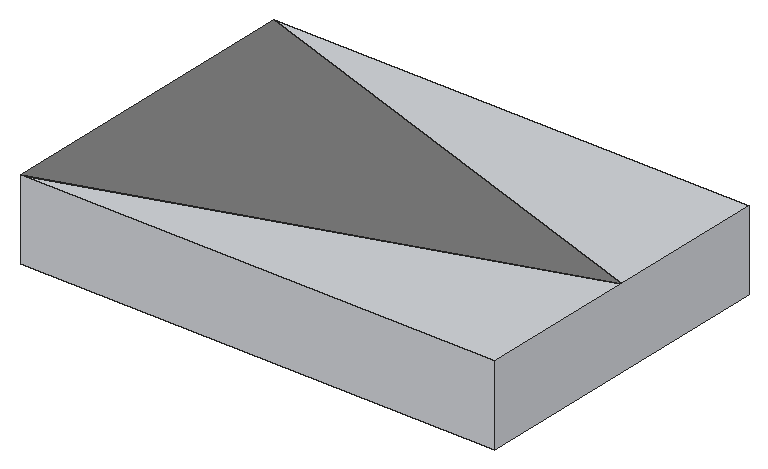
Revit family "電線管用ファミリ(片側のみ)_21", category Electrical Fixtures, Revit 2022
Family settings
  Round Connector Dimension = Use Diameter
  Part Type = Normal
  OmniClass Number = 23.80.00.00
  OmniClass Title = Electric Power and Lighting
  Work Plane-Based = No
  Always vertical = Yes
  Cut with Voids When Loaded = No
  Maintain Annotation Orientation = No
  Shared = No
  Room Calculation Point = No
Parameters
  コネクタ直径 [instance] = 16 mm
  W [instance] = 300 mm
  Default Elevation = 0 mm
  D [instance] = 200 mm
Reference planes
  plane 1 "Center (Front/Back)": y = 0
  plane 2: z = 0
  plane 3 "Center (Left/Right)": x = 0
  plane 4: x = -150
  plane 5: x = 150
  plane 6: y = 100
  plane 7: y = -100
  plane 8: z = 50
Forms (mm)
  Extrusion 1, solid
    sketch origin (0, 0, 0) x (1, 0, 0) y (0, 1, 0)
      loop
        line (-150, 100) -> (-150, -100) -> (150, -100) -> (150, 100) -> (-150, 100)
    from 0 to 50
  Extrusion 2, solid, material "Default Solid Fill"
    sketch origin (0, 0, 0) x (1, 0, 0) y (0, 1, 0)
      loop
        line (-150, 100) -> (-150, -100) -> (150, 0) -> (-150, 100)
    from 0 to 50
Dimensions and locks
  equal spacing: plane 4, plane 3 "Center (Left/Right)", plane 5
  "W": plane 4 to plane 5
  equal spacing: plane 6, plane 1 "Center (Front/Back)", plane 7
  "D": plane 6 to plane 7
  aligned and locked: level to plane 2
  aligned and locked: plane 8 to Extrusion 1
Automatic sketch dimensions
  Extrusion 1 sketch curve to plane 4 = 0 mm
  Extrusion 1 sketch curve to plane 5 = 0 mm
  Extrusion 1 sketch curve to plane 7 = 0 mm
  Extrusion 1 sketch curve to plane 6 = 0 mm
  Extrusion 2 sketch curve to plane 4 = 0 mm
  plane 1 "Center (Front/Back)" to Extrusion 2 sketch curve = 0 mm
  Extrusion 2 sketch curve to plane 5 = 0 mm
  Extrusion 2 sketch curve to plane 7 = 0 mm
  Extrusion 2 sketch curve to plane 6 = 0 mm
Connectors
  cabletrayconduit at (0, 0, 50), diameter 16
    settings: on Extrusion 1, index 1, connector width 300 mm, connector height 300 mm, connector angle 0.00°, system type 32, placement type 0, profile type 0, connector reference index -1, is primary connector yes, connector utility param no, connector description ""
